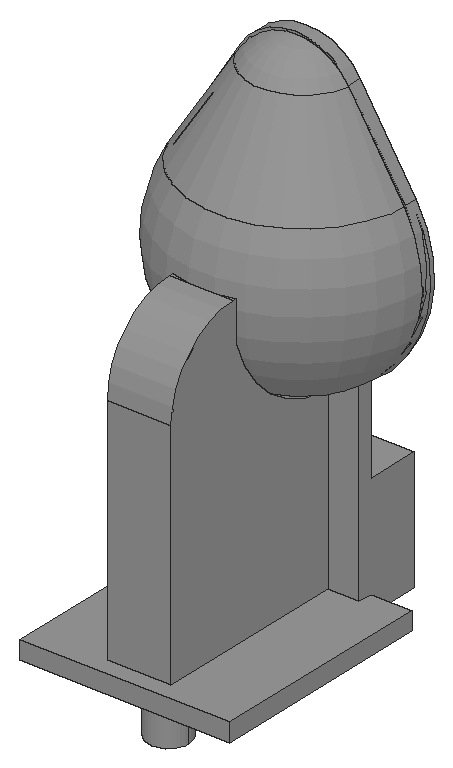
Revit family "Toilet-Willoughby-1490-HET-ETWS-OF-BS", category Plumbing Fixtures, host Face, Revit 2014
Parameters (values of type "Standard")
  Waste DIA = 2 1/4"
  Waste Connection = yes
  W-RAD [instance] = Waste DIA / 2  # 0' - 1 1/8"
  Vent Connection = no
  URL = "www.willoughby-ind.com"
  Type Comments = "Siphon Jet Flush"
  Revision = "A"
  Model = "ETWS-1490-HET-OF-BS"
  Manufacturer = "Willoughby Industries"
  HW Connection = no
  Flush inlet DIA = 1 1/2"
  Flush Inlet Connection = yes
  Fixture Body = Stainless Steel AISI 304-Willoughby
  F-RAD [instance] = Flush inlet DIA / 2  # 0' - 0 3/4"
  Description = "Off Floor Mounted Toilet"
  Default Elevation = 0' - 0"
  Contact Number = "(800) 428-4065"
  CW Connection = no
Reference planes (in)
  plane 1 "Base": y = -16.25
  plane 2: z = 0
  plane 3 "Center": x = 18.31072
  plane 4: y = -1.25
  plane 5: z = -6.75
  plane 6: y = -2.125
  plane 7: y = 0.5
  plane 8: x = 16.56072
  plane 9: x = 20.06072
  plane 10: y = -13.75
  plane 11: y = -10.75
Forms (in)
  Extrusion 1, solid, material "Stainless Steel AISI 304-Willoughby" <- "Fixture Body"
    sketch origin (16.08109, 7.47968, -5.1422) x (-1, 0, 0) y (0, 0, -1)
      loop
        line (1.29775, -16.80087) -> (1.29775, -6.1422) -> (-5.72963, -6.1422) -> (-5.72963, -16.81676)
        arc (-5.72963, -16.81676) -> (-8.98136, -21.11843) -> (-8.21015, -26.45542) r 7
        line (-8.21015, -26.45542) -> (-5.16818, -31.31054)
        arc (-5.16818, -31.31054) -> (-2.20225, -32.95225) -> (0.76368, -31.31054) r 3.5
        line (0.76368, -31.31054) -> (3.80565, -26.45542)
        arc (3.80565, -26.45542) -> (4.5729, -21.10311) -> (1.29775, -16.80087) r 7
      loop
        arc (2.03989, -24.70557) -> (-2.20225, -18.23804) -> (-6.44438, -24.70557) r 4.625
        line (-6.44438, -24.70557) -> (-4.04125, -30.23842)
        arc (-4.04125, -30.23842) -> (-2.20225, -31.45225) -> (-0.36324, -30.23842) r 2
        line (-0.36324, -30.23842) -> (2.03989, -24.70557)
    from 8.72968 to 9.5
  Revolve 2, solid, material "Stainless Steel AISI 304-Willoughby" <- "Fixture Body"
    sketch origin (19.37246, -1.52032, -1.93826) x (-1, 0, 0) y (0, 0, -1)
      loop
        line (1.06174, -12.59906) -> (1.06174, -12.84906)
        arc (1.06174, -12.84906) -> (6.96784, -16.33096) -> (6.78077, -23.18447) r 6.75
        line (6.78077, -23.18447) -> (3.81535, -27.91457)
        arc (3.81535, -27.91457) -> (2.63527, -29.03194) -> (1.06174, -29.43826) r 3.25
        line (1.06174, -29.43826) -> (1.06174, -29.68826)
        arc (1.06174, -29.68826) -> (2.75672, -29.25045) -> (4.02767, -28.04656) r 3.5
        line (4.02767, -28.04656) -> (7.06964, -23.19143)
        arc (7.06964, -23.19143) -> (7.15052, -16.14555) -> (1.06174, -12.59906) r 7
      axis (1.06174, -12.59906) -> (1.06174, -29.68826)
    angle from 0 to -180
  Extrusion 3, solid, material "Stainless Steel AISI 304-Willoughby" <- "Fixture Body"
    sketch origin (19.53334, -3.02032, -2.9508) x (0, 1, 0) y (0, 0, 1)
      loop
        line (-5.27082, 3.9508) -> (1, 3.9508) -> (1, 13.76086)
        arc (1, 13.76086) -> (-2.93256, 15.26109) -> (-5.27082, 18.76086) r 6.92744
        line (-5.27082, 18.76086) -> (-5.27082, 3.9508)
    from 0.52738 to -2.97262
  Extrusion 4, solid, material "Stainless Steel AISI 304-Willoughby" <- "Fixture Body"
    sketch origin (17.03334, 24.08792, -2.30581) x (0, 1, 0) y (0, 0, 1)
      loop
        line (-32.37906, 3.30581) -> (-32.37906, 20.30581) -> (-32.56217, 20.30581)
        arc (-32.56217, 20.30581) -> (-35.58558, 19.05347) -> (-36.83792, 16.03006) r 4.27575
        line (-36.83792, 16.03006) -> (-36.83792, 3.30581) -> (-32.37906, 3.30581)
    from -0.47262 to 3.02738
  Extrusion 5, solid, material "Stainless Steel AISI 304-Willoughby" <- "Fixture Body"
    sketch origin (0, 14.59309, 0) x (1, 0, 0) y (0, 1, 0)
      loop
        circle (18.31072, -25.34309) r 1.125
    from 1 to -3
  Extrusion 6, solid, material "Stainless Steel AISI 304-Willoughby" <- "Fixture Body"
    sketch origin (18.31072, 0, 0) x (0, 1, 0) y (0, 0, 1)
      loop
        line (-1.25, 0) -> (1.75, 0) -> (1.75, 6.6875) -> (-1.25, 6.6875) -> (-1.25, 0)
    from -3.52738 to 3.5
  Extrusion 7, solid, material "Stainless Steel AISI 304-Willoughby" <- "Fixture Body"
    sketch origin (0, 0, 0) x (1, 0, 0) y (0, 1, 0)
      loop
        circle (18.31072, 0.5) r 0.75
    from 2.21942 to 0
  Extrusion 8, solid, material "Stainless Steel AISI 304-Willoughby" <- "Fixture Body"
    sketch origin (0, -16.25, 0) x (1, 0, 0) y (0, 0, 1)
      loop
        line (24.06072, 0) -> (24.06072, 1) -> (12.56072, 1) -> (12.56072, 0) -> (24.06072, 0)
    from -15 to -2.5
Cuts and joins
  joined: Extrusion 1, Extrusion 3, Extrusion 4, Extrusion 6, Extrusion 8
Lines and regions (in)
  symbolic lines
    curve 1: line (11.28334, -2.02032, 0) -> (11.28334, -1.25, 0)
    curve 2: line (11.28334, -1.25, 0) -> (25.28334, -1.25, 0)
    curve 3: line (25.28334, -1.25, 0) -> (25.28334, -2.02032, 0)
    curve 4: line (14.78334, -1.25, 0) -> (14.78334, 1.75, 0)
    curve 5: line (14.78334, 1.75, 0) -> (21.81072, 1.75, 0)
    curve 6: line (21.81072, 1.75, 0) -> (21.81072, -1.25, 0)
    curve 7: arc (25.28334, -2.02032, 0) -> (23.07032, -6.63679, 0) -> (18.31072, -8.52239, 0) r 7.01909
    curve 8: arc (18.31072, -8.52239, 0) -> (13.5164, -6.65545, 0) -> (11.28334, -2.02032, 0) r 7.01903
    curve 9: line (24.06072, -5.48948, 0) -> (24.06072, -13.75, 0)
    curve 10: line (24.06072, -13.75, 0) -> (12.56072, -13.75, 0)
    curve 11: line (12.56072, -13.75, 0) -> (12.56072, -5.56774, 0)
    curve 12: line (20.06072, -8.29368, 0) -> (20.06072, -12.75, 0)
    curve 13: line (20.06072, -12.75, 0) -> (16.56072, -12.75, 0)
    curve 14: line (16.56072, -12.75, 0) -> (16.56072, -8.30779, 0)
    curve 15: line (14.78334, -16.25, 11.65867) -> (14.78334, -16.25, 0)
    curve 16: line (14.78334, -16.25, 0) -> (21.81072, -16.25, 0)
    curve 17: line (21.81072, -16.25, 0) -> (21.81072, -16.25, 11.59862)
    curve 19: line (14.78334, -16.25, 1) -> (12.56072, -16.25, 1)
    curve 20: line (12.56072, -16.25, 1) -> (12.56072, -16.25, 0)
    curve 21: line (12.56072, -16.25, 0) -> (14.78334, -16.25, 0)
    curve 22: line (21.81072, -16.25, 0) -> (24.06072, -16.25, 0)
    curve 23: line (24.06072, -16.25, 0) -> (24.06072, -16.25, 1)
    curve 24: line (24.06072, -16.25, 1) -> (21.81072, -16.25, 1)
    curve 25: arc (21.81072, -16.25, 11.59862) -> (25.05621, -16.25, 15.90856) -> (24.31862, -16.25, 21.25317) r 7.07337
    curve 26: line (24.31862, -16.25, 21.25317) -> (21.25205, -16.25, 26.1639)
    curve 27: arc (21.25205, -16.25, 26.1639) -> (19.99152, -16.25, 27.34663) -> (18.31072, -16.25, 27.75) r 3.3743
    curve 28: arc (18.31072, -16.25, 27.75) -> (16.6278, -16.25, 27.31167) -> (15.31741, -16.25, 26.16835) r 3.79289
    curve 29: line (15.31741, -16.25, 26.16835) -> (12.35249, -16.25, 21.43905)
    curve 30: arc (12.35249, -16.25, 21.43905) -> (11.49002, -16.25, 16.03241) -> (14.78334, -16.25, 11.65867) r 7
    curve 36: line (18.31072, -1.25, 0) -> (18.31072, -1.25, 1)
    curve 37: line (18.31072, -1.25, 1) -> (18.31072, -13.75, 1)
    curve 38: line (18.31072, -13.75, 1) -> (18.31072, -13.75, 0)
    curve 39: line (18.31072, -13.75, 0) -> (18.31072, 1.75, 0)
    curve 40: line (18.31072, 1.75, 0) -> (18.31072, 1.75, 6.6875)
    curve 41: line (18.31072, 1.75, 6.6875) -> (18.31072, -1.25, 6.6875)
    curve 42: line (18.31072, -1.25, 6.6875) -> (18.31072, -1.25, 27.81005)
    curve 43: line (18.31072, -1.25, 27.81005) -> (18.31072, -2.02032, 27.81005)
    curve 44: arc (18.31072, -2.02032, 27.81005) -> (18.31072, -3.28143, 27.30136) -> (18.31072, -4.29148, 26.39088) r 3.90306
    curve 45: line (18.31072, -4.29148, 26.39088) -> (18.31072, -7.53687, 21.19716)
    curve 46: arc (18.31072, -7.53687, 21.19716) -> (18.31072, -8.23607, 19.66292) -> (18.31072, -8.51439, 18) r 6.45904
    curve 47: line (18.31072, -8.29114, 18) -> (18.31072, -8.51439, 18)
    curve 48: arc (18.31072, -8.51439, 18) -> (18.31072, -11.50928, 16.75947) -> (18.31072, -12.74981, 13.76458) r 4.23542
    curve 49: line (18.31072, -12.74981, 13.76458) -> (18.31072, -12.74981, 1)
    curve 50: line (18.31072, -2.02032, 1) -> (18.31072, -2.02032, 11.75)
    curve 51: line (18.31072, -2.02032, 11.75) -> (18.31072, -1.25, 11.75)
    curve 52: arc (18.31072, -2.02032, 10.81005) -> (18.31072, -6.00198, 12.30402) -> (18.31072, -8.29114, 15.88806) r 6.72471
    curve 53: arc (18.31072, -8.29114, 15.88806) -> (18.31072, -8.3343, 16.94403) -> (18.31072, -8.29114, 18) r 12.93861
  symbolic lines, detail levels medium+fine
    curve 18: line (21.81072, -16.25, 6.6875) -> (14.78334, -16.25, 6.6875)
  symbolic lines, detail levels fine
    curve 31: arc (14.0412, -16.25, 19.56337) -> (18.28334, -16.25, 13.09585) -> (22.52547, -16.25, 19.56337) r 4.625
    curve 32: line (22.52547, -16.25, 19.56337) -> (20.12234, -16.25, 25.09622)
    curve 33: arc (20.12234, -16.25, 25.09622) -> (19.38317, -16.25, 25.97635) -> (18.28334, -16.25, 26.31005) r 2.01767
    curve 34: arc (18.28334, -16.25, 26.31005) -> (17.17969, -16.25, 25.98213) -> (16.44433, -16.25, 25.09622) r 1.9827
    curve 35: line (16.44433, -16.25, 25.09622) -> (14.0412, -16.25, 19.56337)
Dimensions and locks (in)
  plane 1 "Base" to plane 4 = 1' - 3"
  plane 1 "Base" to plane 11 = 0' - 5 1/2"
  plane 1 "Base" to plane 10 = 0' - 2 1/2"
  "W-RAD": radius of Extrusion 5 sketch curve
  "F-RAD": radius of Extrusion 7 sketch curve
  aligned and locked: plane 2 to host face
  aligned and locked: level to host face
  aligned and locked: plane 3 "Center" to Extrusion 5 sketch curve
  aligned and locked: plane 7 to Extrusion 7 sketch curve
  aligned and locked: plane 3 "Center" to Extrusion 7 sketch curve
  aligned and locked: plane 11 to Extrusion 5 sketch curve
  aligned and locked: cut or joined group of Extrusion 1, Extrusion 3, Extrusion 4, Extrusion 6, Extrusion 8 to cut or joined group of Extrusion 1, Extrusion 3, Extrusion 4, Extrusion 6, Extrusion 8  (x2)
  aligned and locked: cut or joined group of Extrusion 1, Extrusion 3, Extrusion 4, Extrusion 6, Extrusion 8 to level
Automatic sketch dimensions
  host sketch curve to host sketch curve = 2' - 6.05225"
  host sketch curve to host sketch curve = 2' - 0"
  Extrusion 1 sketch curve to Extrusion 1 sketch curve = 0' - 0"  (x8)
  level to Extrusion 1 sketch curve = 0' - 1"
  plane 3 "Center" to Extrusion 1 sketch curve = 0' - 5.98052"
  Extrusion 1 sketch curve to Extrusion 1 sketch curve = 0' - 1.76576"  (x2)
  plane 3 "Center" to Extrusion 1 sketch curve = 0' - 3 1/2"
  plane 3 "Center" to Extrusion 1 sketch curve = 0' - 2.93855"
  Extrusion 1 sketch curve to Extrusion 1 sketch curve = 0' - 1.12693"  (x2)
  Extrusion 1 sketch curve to plane 3 "Center" = 0' - 0.02738"  (x2)
  Extrusion 1 sketch curve to plane 3 "Center" = 0' - 1.86639"
  Extrusion 1 sketch curve to plane 3 "Center" = 0' - 3.52738"
  Extrusion 1 sketch curve to plane 3 "Center" = 0' - 4 69/256"
  Extrusion 1 sketch curve to Extrusion 1 sketch curve = 0' - 10.65867"
  Extrusion 1 sketch curve to Extrusion 1 sketch curve = 0' - 0.01589"
  Extrusion 1 sketch curve to Extrusion 1 sketch curve = 0' - 6.06218"
  Extrusion 1 sketch curve to Extrusion 1 sketch curve = 0' - 1.74985"
  Extrusion 1 sketch curve to Extrusion 1 sketch curve = 0' - 4.74668"
  Extrusion 1 sketch curve to Extrusion 1 sketch curve = 0' - 0.78617"
  Extrusion 1 sketch curve to Extrusion 1 sketch curve = 0' - 1.07212"
  Revolve 2 sketch curve to Revolve 2 sketch curve = 0' - 0"  (x2)
  Revolve 2 sketch curve to plane 3 "Center" = 0' - 0"  (x3)
  plane 3 "Center" to Revolve 2 sketch curve = 0' - 0"
  Revolve 2 sketch curve to plane 3 "Center" = 0' - 2.75361"
  Revolve 2 sketch curve to Revolve 2 sketch curve = 0' - 0.21232"
  Revolve 2 sketch curve to Revolve 2 sketch curve = 0' - 2.96542"
  Revolve 2 sketch curve to Revolve 2 sketch curve = 0' - 0.28887"
  level to Revolve 2 sketch curve = 2' - 3 3/4"
  Revolve 2 sketch curve to Revolve 2 sketch curve = 0' - 0 1/4"
  Revolve 2 sketch curve to Revolve 2 sketch curve = 0' - 1.3917"
  Revolve 2 sketch curve to Revolve 2 sketch curve = 0' - 0.13199"
  Revolve 2 sketch curve to Revolve 2 sketch curve = 0' - 4.85513"
  Revolve 2 sketch curve to Revolve 2 sketch curve = 0' - 0.00696"
  Revolve 2 sketch curve to Revolve 2 sketch curve = 0' - 3 1/4"
  Revolve 2 sketch curve to Revolve 2 sketch curve = 0' - 3.3392"
  Revolve 2 sketch curve to Revolve 2 sketch curve = 0' - 2.4108"
  level to Extrusion 3 sketch curve = 0' - 1"
  plane 6 to Extrusion 3 sketch curve = 0' - 0.10468"
  plane 4 to Extrusion 3 sketch curve = 0' - 0.38413"
  Extrusion 3 sketch curve to Extrusion 3 sketch curve = 0' - 9.81005"
  Extrusion 3 sketch curve to Extrusion 3 sketch curve = 0' - 5"
  level to Extrusion 4 sketch curve = 0' - 1"
  Extrusion 4 sketch curve to Extrusion 4 sketch curve = 0' - 0.18311"
  Extrusion 4 sketch curve to Extrusion 4 sketch curve = 1' - 0.72425"
  Extrusion 6 sketch curve to level = 0' - 0"
  Extrusion 6 sketch curve to plane 4 = 0' - 0"
  Extrusion 6 sketch curve to plane 7 = 0' - 1 1/4"
  level to Extrusion 6 sketch curve = 0' - 6 11/16"
  Extrusion 8 sketch curve to level = 0' - 0"
  level to Extrusion 8 sketch curve = 0' - 1"
  Extrusion 4 sketch curve to plane 1 "Base" = 0' - 3 1/2"
  Extrusion 4 sketch curve to plane 1 "Base" = 0' - 7.77575"
  Extrusion 8 sketch curve to plane 8 = 0' - 4"
  plane 9 to Extrusion 8 sketch curve = 0' - 4"
  Extrusion 3 sketch curve to Extrusion 3 sketch curve = 0' - 6.27082"
  plane 4 to curve 1 = 0' - 0"
  curve 10 to plane 10 = 0' - 0"
  curve 14 to plane 8 = 0' - 0"
  curve 8 to plane 3 "Center" = 0' - 0"
  curve 7 to plane 3 "Center" = 0' - 0"
  curve 13 to plane 9 = 0' - 0"
  curve 4 to plane 8 = 0' - 1.77738"
  curve 11 to plane 8 = 0' - 4"
  curve 7 to plane 3 "Center" = 0' - 0.02741"
  curve 7 to curve 8 = 0' - 0"
  plane 9 to curve 6 = 0' - 1 3/4"
  plane 9 to curve 10 = 0' - 4"
  curve 6 to curve 3 = 0' - 3.47262"
  plane 10 to curve 13 = 0' - 1"
  plane 6 to curve 1 = 0' - 0.10468"
  curve 3 to curve 2 = 0' - 0.77032"
  curve 5 to plane 7 = 0' - 1 1/4"
  curve 7 to curve 14 = 0' - 0.21461"
  curve 30 to curve 31 = 0' - 0"  (x2)
  curve 21 to level = 0' - 0"
  curve 27 to plane 3 "Center" = 0' - 0"
  curve 28 to plane 3 "Center" = 0' - 0"
  curve 30 to plane 3 "Center" = 0' - 0.02738"
  curve 34 to plane 3 "Center" = 0' - 0.03882"
  curve 33 to curve 34 = 0' - 0.0002"
  curve 25 to curve 31 = 0' - 0.07329"
  curve 29 to plane 8 = 0' - 1.24331"
  curve 15 to plane 8 = 0' - 1.77738"
  curve 20 to curve 15 = 0' - 2.22262"
  curve 29 to plane 8 = 0' - 4.20823"
  plane 3 "Center" to curve 27 = 0' - 0.07924"
  plane 3 "Center" to curve 28 = 0' - 0.08907"
  plane 9 to curve 32 = 0' - 0.06162"
  plane 9 to curve 26 = 0' - 1.19133"
  plane 9 to curve 17 = 0' - 1 3/4"
  plane 9 to curve 32 = 0' - 2.46475"
  curve 16 to curve 23 = 0' - 2 1/4"
  curve 31 to curve 26 = 0' - 1.79315"
  level to curve 20 = 0' - 1"
  level to curve 23 = 0' - 1"
  curve 24 to curve 17 = 0' - 10.59862"
  curve 17 to curve 15 = 0' - 0.06005"
  curve 30 to curve 25 = 0' - 6.02828"
  curve 25 to curve 31 = 0' - 0.0339"
  curve 32 to curve 25 = 0' - 1.6898"
  curve 32 to curve 28 = 0' - 4.39478"
  curve 28 to curve 33 = 0' - 0.33426"
  curve 33 to curve 34 = 0' - 0.03496"
  curve 34 to curve 27 = 0' - 0.04925"
  curve 32 to curve 27 = 0' - 1.06768"
  curve 34 to curve 33 = 0' - 0"
  curve 35 to plane 8 = 0' - 0.11639"
  curve 35 to plane 8 = 0' - 2 133/256"
  curve 18 to curve 15 = 0' - 4.97117"
  curve 38 to plane 10 = 0' - 0"
  curve 42 to plane 4 = 0' - 0"
  curve 36 to level = 0' - 0"
  curve 36 to plane 4 = 0' - 0"
  plane 10 to curve 49 = 0' - 1.00019"
  curve 47 to plane 11 = 0' - 2.23561"
  curve 45 to plane 11 = 0' - 3.21313"
  curve 45 to plane 6 = 0' - 2.16648"
  plane 6 to curve 46 = 0' - 0.06571"
  plane 6 to curve 50 = 0' - 0.10468"
  plane 6 to curve 43 = 0' - 0.10468"
  plane 6 to curve 52 = 0' - 0.35501"
  curve 44 to plane 4 = 0' - 0.03688"
  curve 41 to plane 7 = 0' - 1 1/4"
  curve 53 to plane 7 = 0' - 4.10431"
  level to curve 37 = 0' - 1"
  curve 36 to curve 42 = 0' - 5 11/16"
  curve 41 to curve 51 = 0' - 5 1/16"
  curve 50 to curve 49 = 0' - 2.01458"
  curve 51 to curve 53 = 0' - 5.19403"
  curve 52 to curve 46 = 0' - 0.24429"
  curve 46 to curve 44 = 0' - 6.21698"
  curve 44 to curve 45 = 0' - 2.39951"
  curve 46 to curve 53 = 0' - 0.22325"
  curve 48 to curve 47 = 0' - 0.22325"
  curve 52 to curve 50 = 0' - 0.93995"
Connectors (in)
  piping at (18.31072, -10.75, -3), diameter 2.25, driven by "W-RAD", driven by "Waste Connection"
    settings: on Extrusion 5, index 1, connector inside diameter 2 1/4", connector length 0' - 0", flow factor 0, pipe flow 0 GPM, pressure drop 0.00 psi, fitting loss kfactor 0, connector angle 0.00°, fixture units 0, engagement length 0' - 0", angle of deflection 0.00°, flow configuration 0, flow direction 2, fitting loss method 0, system type 16, joint type 0, gender type 0, connector reference index -1, connector utility 1, adjustable connector yes, is connector primary yes, connector description "Toilet Waste"
  piping at (18.31072, 0.5, 0), diameter 1.5, driven by "F-RAD", driven by "Flush Inlet Connection"
    settings: on Extrusion 7, index 2, connector inside diameter 1 1/2", connector length 0' - 0", flow factor 0, pipe flow 0 GPM, pressure drop 0.00 psi, fitting loss kfactor 0, connector angle 0.00°, fixture units 0, engagement length 0' - 0", angle of deflection 0.00°, flow configuration 0, flow direction 1, fitting loss method 0, system type 20, joint type 0, gender type 0, connector reference index -1, connector utility 1, adjustable connector no, is connector primary no, connector description "Flush Inlet"
